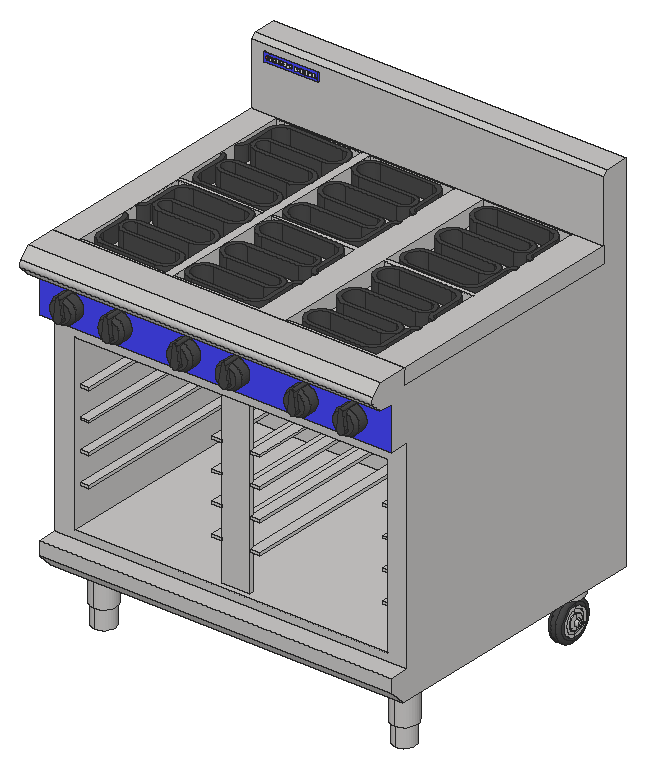
Revit family "QF_MOFFAT_BLUESEAL_CE_E516D-CB", category Specialty Equipment, Revit 2012
Parameters
  Width = 900 mm
  Weight in Pounds = 286  # constant formula
  Watts = 14400 W
  Volts = 400 V
  URL Cutsheet = "www.moffat.com"
  URL = "www.moffat.com"
  Type Mark [instance] = ""
  Status [instance] = ""
  Specification by User [instance] = ""
  Specification by Manufacturer = ""
  Show Logo [instance] = yes
  Show Casters [instance] = yes
  Serial Number = ""
  Seismic Rating = ""
  SMACNA No = ""
  Revision Code [instance] = ""
  Phase = 3
  Omniclass Number and Title = ""
  Number of Poles = 1
  NAFEM Spec ID Number = ""
  Model = "E516D-CB"
  Min Ckt Ampacity = 0 A
  Max Overcurrent Protection = 0 A
  Masterspec = ""
  Manufacturer = "MOFFAT BLUESEAL"
  Legs [instance] = not(Show Casters)  # no
  Item Number [instance] = ""
  Installed By [instance] = ""
  Identify Quantity as Lot [instance] = yes
  HP = ""
  Furnished By [instance] = ""
  Foodservice Equipment Identifier [instance] = yes
  FL Amps = 20 A
  Electrical Remarks = "20A PER PHASE"
  Elec Conn RI Height = 0 mm
  Elec Conn Connection Height = 0 mm
  Description = "900MM ELECTRIC COOK TOP ON CABINET BASE"
  Depth = 812 mm
  Cycle = 50 Hz
  Conn Plug = ""
  Conn Conduit = yes
  CSI MasterFormat = ""
  CSI Master Format = ""
  Base Height [instance] = 150 mm
  Apparent Power = if(Phase = 3, Volts * FL Amps * 1.73, Volts * FL Amps)  # 13840 VA
Reference planes
  plane 1 "BACK": y = 0
  plane 2: z = 0
  plane 3 "LEFT": x = 0
  plane 4 "RIGHT": x = 900
  plane 5 "FRONT": y = -812
  plane 6 "TOP": z = 970
  plane 7 "Center Y": x = 450
  plane 8 "Center X": y = -406
  plane 9 "Base Height": z = 150
  plane 10: z = 915
  plane 11: z = 1085
  plane 12: z = 740
  plane 13: x = 834
  plane 14: x = 65
  plane 15: y = -625
  plane 16: y = -100
Forms (mm)
  Extrusion 1, solid, material "QF_Finishes_Stainless Steel"
    sketch origin (0, 0, 0) x (0, 1, 0) y (0, 0, 1)
      loop
        line (0, 150) -> (0, 1085) -> (-57.5, 1085) -> (-70, 1072.5) -> (-70, 875) -> (-705.25, 875) -> (-705.25, 915) -> (-783.97, 915) -> (-808.485, 890.485)
        arc (-808.485, 890.485) -> (-811.999, 882) -> (-808.485, 873.515) r 12
        line (-808.485, 873.515) -> (-784.97, 850) -> (-749, 850) -> (-749, 740) -> (-130.5, 740) -> (-130.5, 222.5) -> (-749, 222.5) -> (-749, 186) -> (-713, 150) -> (0, 150)
    from 0 to 900
  Extrusion 2, void
    sketch origin (705, 3, 100) x (1, 0, 0) y (0, 1, 0)
      loop
        circle (65, -35) r 13.5
    from 640 to 570
  Revolve 3, solid, material "QF_Finishes_Black"
    sketch origin (87.5, 7, 757.8) x (0, 1, 0) y (0, 0, -1)
      loop
        line (-789, -69.5) -> (-766, -69.5) -> (-766, -42) -> (-756, -42) -> (-756, -37) -> (-800, -37) -> (-800, -63.651) -> (-789, -69.5)
      axis (-800, -37) -> (-756, -37)
    angle from 0 to 360
  Extrusion 4, solid, material "QF_Finishes_Black"
    sketch origin (225.77, 7, 757.958) x (-1, 0, 0) y (0, 0, -1)
      loop
        line (127.85, -26.037) -> (133.271, -68.955)
        arc (133.271, -68.955) -> (138.27, -73.842) -> (143.268, -68.955) r 5
        line (143.268, -68.955) -> (148.757, -24.87)
        arc (148.757, -24.87) -> (137.685, -14.371) -> (127.85, -26.037) r 10.487
    from 759 to 808
  Revolve 5, solid, material "QF_Finishes_Stainless Steel", visible <- "Legs"
    sketch origin (834, -165, 0) x (0, 1, 0) y (0, 0, -1)
      loop
        line (33.25, -150) -> (65, -150) -> (65, 0) -> (37.5, 0) -> (37.5, -50) -> (33.25, -50) -> (33.25, -150)
      axis (65, -150) -> (65, 0)
    angle from 0 to 360
  Revolve 6, solid, material "QF_Finishes_Stainless Steel"
    sketch origin (834, -728, 0) x (0, 1, 0) y (0, 0, -1)
      loop
        line (71.25, -150) -> (103, -150) -> (103, 0) -> (75.5, 0) -> (75.5, -50) -> (71.25, -50) -> (71.25, -150)
      axis (103, -150) -> (103, 0)
    angle from 0 to 360
  Extrusion 7, solid, material "QF_Finishes_Stainless Steel"
    sketch origin (0, -130.5, 735) x (0, 0, 1) y (-1, 0, 0)
      loop
        line (5, -900) -> (5, 0) -> (-512.5, 0) -> (-512.5, -900) -> (5, -900)
      loop
        line (-50, -850) -> (-50, -50) -> (-492.5, -50) -> (-492.5, -850) -> (-50, -850)
    from 0 to 568.5
  Extrusion 8, void
    sketch origin (0, 0, 150) x (-1, 0, 0) y (0, -1, 0)
      loop
        line (-824.497, 87.26) -> (-824.497, -30.24) -> (-694.997, -30.24) -> (-694.997, 38.76) -> (-743.497, 87.26) -> (-824.497, 87.26)
    from 72.5 to 590
  Extrusion 9, solid, material "QF_Finishes_Stainless Steel"
    sketch origin (0, -130.5, 735) x (0, 0, 1) y (-1, 0, 0)
      loop
        line (-50, -485.5) -> (-50, -414.5) -> (-492.5, -414.5) -> (-492.5, -485.5) -> (-50, -485.5)
    from 543.302 to 553.302
  Extrusion 10, solid, material "QF_Finishes_Stainless Steel"
    sketch origin (0, -130.5, 735) x (0, 0, 1) y (-1, 0, 0)
      loop
        line (-246.25, -414.5) -> (-239.9, -414.5) -> (-239.9, -389.5) -> (-246.25, -389.5) -> (-246.25, -414.5)
      loop
        line (-321.25, -414.5) -> (-314.9, -414.5) -> (-314.9, -389.5) -> (-321.25, -389.5) -> (-321.25, -414.5)
      loop
        line (-321.25, -50) -> (-321.25, -75) -> (-314.9, -75) -> (-314.9, -50) -> (-321.25, -50)
      loop
        line (-239.9, -75) -> (-239.9, -50) -> (-246.25, -50) -> (-246.25, -75) -> (-239.9, -75)
      loop
        line (-396.25, -414.5) -> (-389.9, -414.5) -> (-389.9, -389.5) -> (-396.25, -389.5) -> (-396.25, -414.5)
      loop
        line (-396.25, -50) -> (-396.25, -75) -> (-389.9, -75) -> (-389.9, -50) -> (-396.25, -50)
      loop
        line (-171.25, -414.5) -> (-164.9, -414.5) -> (-164.9, -389.5) -> (-171.25, -389.5) -> (-171.25, -414.5)
      loop
        line (-164.9, -75) -> (-164.9, -50) -> (-171.25, -50) -> (-171.25, -75) -> (-164.9, -75)
      loop
        line (-246.25, -485.5) -> (-246.25, -510.5) -> (-239.9, -510.5) -> (-239.9, -485.5) -> (-246.25, -485.5)
      loop
        line (-321.25, -485.5) -> (-321.25, -510.5) -> (-314.9, -510.5) -> (-314.9, -485.5) -> (-321.25, -485.5)
      loop
        line (-321.25, -850) -> (-314.9, -850) -> (-314.9, -825) -> (-321.25, -825) -> (-321.25, -850)
      loop
        line (-239.9, -825) -> (-246.25, -825) -> (-246.25, -850) -> (-239.9, -850) -> (-239.9, -825)
      loop
        line (-396.25, -485.5) -> (-396.25, -510.5) -> (-389.9, -510.5) -> (-389.9, -485.5) -> (-396.25, -485.5)
      loop
        line (-396.25, -850) -> (-389.9, -850) -> (-389.9, -825) -> (-396.25, -825) -> (-396.25, -850)
      loop
        line (-171.25, -485.5) -> (-171.25, -510.5) -> (-164.9, -510.5) -> (-164.9, -485.5) -> (-171.25, -485.5)
      loop
        line (-164.9, -825) -> (-171.25, -825) -> (-171.25, -850) -> (-164.9, -850) -> (-164.9, -825)
    from 0 to 553.302
  Extrusion 11, solid, material "QF_Finishes_Stainless Steel"
    sketch origin (705, -4.5, 740) x (0, 1, 0) y (1, 0, 0)
      loop
        circle (-34.187, 65) r 6.35
    from 0 to 1.6
  Revolve 12, solid, material "QF_Finishes_Black"
    sketch origin (211.766, 7, 757.8) x (0, 1, 0) y (0, 0, -1)
      loop
        line (-789, -69.5) -> (-766, -69.5) -> (-766, -42) -> (-756, -42) -> (-756, -37) -> (-800, -37) -> (-800, -63.651) -> (-789, -69.5)
      axis (-800, -37) -> (-756, -37)
    angle from 0 to 360
  Extrusion 13, solid, material "QF_Finishes_Black"
    sketch origin (350.035, 7, 757.958) x (-1, 0, 0) y (0, 0, -1)
      loop
        line (127.85, -26.037) -> (133.271, -68.955)
        arc (133.271, -68.955) -> (138.27, -73.842) -> (143.268, -68.955) r 5
        line (143.268, -68.955) -> (148.757, -24.87)
        arc (148.757, -24.87) -> (137.685, -14.371) -> (127.85, -26.037) r 10.487
    from 759 to 808
  Revolve 14, solid, material "QF_Finishes_Black"
    sketch origin (386.766, 7, 757.8) x (0, 1, 0) y (0, 0, -1)
      loop
        line (-789, -69.5) -> (-766, -69.5) -> (-766, -42) -> (-756, -42) -> (-756, -37) -> (-800, -37) -> (-800, -63.651) -> (-789, -69.5)
      axis (-800, -37) -> (-756, -37)
    angle from 0 to 360
  Extrusion 15, solid, material "QF_Finishes_Black"
    sketch origin (525.035, 7, 757.958) x (-1, 0, 0) y (0, 0, -1)
      loop
        line (127.85, -26.037) -> (133.271, -68.955)
        arc (133.271, -68.955) -> (138.27, -73.842) -> (143.268, -68.955) r 5
        line (143.268, -68.955) -> (148.757, -24.87)
        arc (148.757, -24.87) -> (137.685, -14.371) -> (127.85, -26.037) r 10.487
    from 759 to 808
  Revolve 16, solid, material "QF_Finishes_Black"
    sketch origin (511.766, 7, 757.8) x (0, 1, 0) y (0, 0, -1)
      loop
        line (-789, -69.5) -> (-766, -69.5) -> (-766, -42) -> (-756, -42) -> (-756, -37) -> (-800, -37) -> (-800, -63.651) -> (-789, -69.5)
      axis (-800, -37) -> (-756, -37)
    angle from 0 to 360
  Extrusion 17, solid, material "QF_Finishes_Black"
    sketch origin (650.035, 7, 757.958) x (-1, 0, 0) y (0, 0, -1)
      loop
        line (127.85, -26.037) -> (133.271, -68.955)
        arc (133.271, -68.955) -> (138.27, -73.842) -> (143.268, -68.955) r 5
        line (143.268, -68.955) -> (148.757, -24.87)
        arc (148.757, -24.87) -> (137.685, -14.371) -> (127.85, -26.037) r 10.487
    from 759 to 808
  Revolve 18, solid, material "QF_Finishes_Black"
    sketch origin (686.766, 7, 757.8) x (0, 1, 0) y (0, 0, -1)
      loop
        line (-789, -69.5) -> (-766, -69.5) -> (-766, -42) -> (-756, -42) -> (-756, -37) -> (-800, -37) -> (-800, -63.651) -> (-789, -69.5)
      axis (-800, -37) -> (-756, -37)
    angle from 0 to 360
  Extrusion 19, solid, material "QF_Finishes_Black"
    sketch origin (825.035, 7, 757.958) x (-1, 0, 0) y (0, 0, -1)
      loop
        line (127.85, -26.037) -> (133.271, -68.955)
        arc (133.271, -68.955) -> (138.27, -73.842) -> (143.268, -68.955) r 5
        line (143.268, -68.955) -> (148.757, -24.87)
        arc (148.757, -24.87) -> (137.685, -14.371) -> (127.85, -26.037) r 10.487
    from 759 to 808
  Revolve 20, solid, material "QF_Finishes_Black"
    sketch origin (811.766, 7, 757.8) x (0, 1, 0) y (0, 0, -1)
      loop
        line (-789, -69.5) -> (-766, -69.5) -> (-766, -42) -> (-756, -42) -> (-756, -37) -> (-800, -37) -> (-800, -63.651) -> (-789, -69.5)
      axis (-800, -37) -> (-756, -37)
    angle from 0 to 360
  Extrusion 21, solid, material "QF_Finishes_Black"
    sketch origin (950.035, 7, 757.958) x (-1, 0, 0) y (0, 0, -1)
      loop
        line (127.85, -26.037) -> (133.271, -68.955)
        arc (133.271, -68.955) -> (138.27, -73.842) -> (143.268, -68.955) r 5
        line (143.268, -68.955) -> (148.757, -24.87)
        arc (148.757, -24.87) -> (137.685, -14.371) -> (127.85, -26.037) r 10.487
    from 759 to 808
  Revolve 22, solid, material "QF_Finishes_Stainless Steel", visible <- "Show Casters"
    sketch origin (784.648, -99.755, -13.653) x (1, 0, 0) y (0, 0, 1)
      loop
        line (14.841, 63.604) -> (83.584, 63.604) -> (83.584, 67.109) -> (82.314, 68.379) -> (80.79, 68.379) -> (80.79, 71.826) -> (68.644, 71.826) -> (68.644, 81.79) -> (65.088, 83.843) -> (63.738, 92.179) -> (65.881, 92.179) -> (65.881, 98.529) -> (65.088, 98.529) -> (65.088, 104.879)
        arc (65.088, 104.879) -> (62.298, 111.614) -> (55.563, 114.404) r 9.525
        line (55.563, 114.404) -> (42.863, 114.404)
        arc (42.863, 114.404) -> (36.127, 111.614) -> (33.338, 104.879) r 9.525
        line (33.338, 104.879) -> (33.338, 98.529) -> (32.544, 98.529) -> (32.544, 92.179) -> (34.687, 92.179) -> (33.352, 83.932) -> (29.782, 81.871) -> (29.782, 71.826) -> (17.635, 71.826) -> (17.635, 68.379) -> (16.111, 68.379) -> (14.841, 67.109) -> (14.841, 63.604)
      axis (14.841, 63.604) -> (83.584, 63.604)
    angle from 0 to 360
  Revolve 23, solid, material "QF_Finishes_Stainless Steel", visible <- "Show Casters"
    sketch origin (833.871, -203, 0) x (0, 1, 0) y (0, 0, 1)
      loop
        line (68.25, 150) -> (68.25, 110) -> (104, 110) -> (104, 150) -> (68.25, 150)
      axis (104, 150) -> (104, 110)
    angle from 0 to 360
  Revolve 24, solid, material "QF_Finishes_Stainless Steel", visible <- "Legs"
    sketch origin (65, -165, 0) x (0, 1, 0) y (0, 0, -1)
      loop
        line (33.25, -150) -> (65, -150) -> (65, 0) -> (37.5, 0) -> (37.5, -50) -> (33.25, -50) -> (33.25, -150)
      axis (65, -150) -> (65, 0)
    angle from 0 to 360
  Revolve 25, solid, material "QF_Finishes_Stainless Steel"
    sketch origin (65, -728, 0) x (0, 1, 0) y (0, 0, -1)
      loop
        line (71.25, -150) -> (103, -150) -> (103, 0) -> (75.5, 0) -> (75.5, -50) -> (71.25, -50) -> (71.25, -150)
      axis (103, -150) -> (103, 0)
    angle from 0 to 360
  Revolve 26, solid, material "QF_Finishes_Stainless Steel", visible <- "Show Casters"
    sketch origin (15.648, -99.755, -13.653) x (1, 0, 0) y (0, 0, 1)
      loop
        line (14.841, 63.604) -> (83.584, 63.604) -> (83.584, 67.109) -> (82.314, 68.379) -> (80.79, 68.379) -> (80.79, 71.826) -> (68.644, 71.826) -> (68.644, 81.79) -> (65.088, 83.843) -> (63.738, 92.179) -> (65.881, 92.179) -> (65.881, 98.529) -> (65.088, 98.529) -> (65.088, 104.879)
        arc (65.088, 104.879) -> (62.298, 111.614) -> (55.563, 114.404) r 9.525
        line (55.563, 114.404) -> (42.863, 114.404)
        arc (42.863, 114.404) -> (36.127, 111.614) -> (33.338, 104.879) r 9.525
        line (33.338, 104.879) -> (33.338, 98.529) -> (32.544, 98.529) -> (32.544, 92.179) -> (34.687, 92.179) -> (33.352, 83.932) -> (29.782, 81.871) -> (29.782, 71.826) -> (17.635, 71.826) -> (17.635, 68.379) -> (16.111, 68.379) -> (14.841, 67.109) -> (14.841, 63.604)
      axis (14.841, 63.604) -> (83.584, 63.604)
    angle from 0 to 360
  Revolve 27, solid, material "QF_Finishes_Stainless Steel", visible <- "Show Casters"
    sketch origin (64.871, -203, 0) x (0, 1, 0) y (0, 0, 1)
      loop
        line (68.25, 150) -> (68.25, 110) -> (104, 110) -> (104, 150) -> (68.25, 150)
      axis (104, 150) -> (104, 110)
    angle from 0 to 360
Cuts and joins
  Extrusion 2, Extrusion 8 cuts Extrusion 1
  joined: Extrusion 1, Extrusion 7
Lines and regions (mm)
  Split face 1
    outline origin (900, 0, 1085) x (-1, 0, 0) y (0, -1, 0)
      loop
        arc (856, 18.385) -> (864.66, 23.385) -> (864.66, 33.385) r 10
        line (864.66, 33.385) -> (860.619, 40.385)
        arc (860.619, 40.385) -> (856.959, 44.045) -> (851.959, 45.385) r 10
        line (851.959, 45.385) -> (624, 45.385)
        arc (624, 45.385) -> (615.34, 40.385) -> (615.34, 30.385) r 10
        line (615.34, 30.385) -> (619.381, 23.385)
        arc (619.381, 23.385) -> (623.041, 19.725) -> (628.041, 18.385) r 10
        line (628.041, 18.385) -> (856, 18.385)
  Split face 2
    outline origin (900, 0, 1085) x (-1, 0, 0) y (0, -1, 0)
      loop
        arc (44, 45.385) -> (35.34, 40.385) -> (35.34, 30.385) r 10
        line (35.34, 30.385) -> (39.381, 23.385)
        arc (39.381, 23.385) -> (43.041, 19.725) -> (48.041, 18.385) r 10
        line (48.041, 18.385) -> (276, 18.385)
        arc (276, 18.385) -> (284.66, 23.385) -> (284.66, 33.385) r 10
        line (284.66, 33.385) -> (280.619, 40.385)
        arc (280.619, 40.385) -> (276.959, 44.045) -> (271.959, 45.385) r 10
        line (271.959, 45.385) -> (44, 45.385)
  Split face 3
    outline origin (900, 0, 1085) x (-1, 0, 0) y (0, -1, 0)
      loop
        arc (566, 18.385) -> (574.66, 23.385) -> (574.66, 33.385) r 10
        line (574.66, 33.385) -> (570.619, 40.385)
        arc (570.619, 40.385) -> (566.959, 44.045) -> (561.959, 45.385) r 10
        line (561.959, 45.385) -> (334, 45.385)
        arc (334, 45.385) -> (325.34, 40.385) -> (325.34, 30.385) r 10
        line (325.34, 30.385) -> (329.381, 23.385)
        arc (329.381, 23.385) -> (333.041, 19.725) -> (338.041, 18.385) r 10
        line (338.041, 18.385) -> (566, 18.385)
  symbolic lines, style "SpecialityEquipmentHiddenLines", visible <- "Show Casters"
    curve 1: line (78.456, -46.735, 0) -> (105.952, -62.61, 0)
    curve 2: line (27.656, -134.723, 0) -> (78.456, -46.735, 0)
    curve 3: line (55.152, -150.598, 0) -> (27.656, -134.723, 0)
    curve 4: line (105.952, -62.61, 0) -> (55.152, -150.598, 0)
    curve 5: line (847.456, -46.735, 0) -> (874.952, -62.61, 0)
    curve 6: line (796.656, -134.723, 0) -> (847.456, -46.735, 0)
    curve 7: line (824.152, -150.598, 0) -> (796.656, -134.723, 0)
    curve 8: line (874.952, -62.61, 0) -> (824.152, -150.598, 0)
  symbolic lines
    curve 9: line (0, -783.97, 0) -> (900, -783.97, 0)
    curve 10: line (0, -811.999, 0) -> (900, -811.999, 0)
    curve 11: line (0, 0, 0) -> (0, -811.999, 0)
    curve 12: line (900, 0, 0) -> (0, 0, 0)
    curve 13: line (900, -811.999, 0) -> (900, 0, 0)
    curve 14: line (624, -18.385, 0) -> (851.959, -18.385, 0)
    curve 15: arc (851.959, -18.385, 0) -> (856.959, -19.725, 0) -> (860.619, -23.385, 0) r 10
    curve 16: line (860.619, -23.385, 0) -> (864.66, -30.385, 0)
    curve 17: arc (864.66, -30.385, 0) -> (864.66, -40.385, 0) -> (856, -45.385, 0) r 10
    curve 18: line (856, -45.385, 0) -> (628.041, -45.385, 0)
    curve 19: arc (628.041, -45.385, 0) -> (623.041, -44.045, 0) -> (619.381, -40.385, 0) r 10
    curve 20: line (619.381, -40.385, 0) -> (615.34, -33.385, 0)
    curve 21: arc (615.34, -33.385, 0) -> (615.34, -23.385, 0) -> (624, -18.385, 0) r 10
    curve 22: line (561.959, -18.385, 0) -> (334, -18.385, 0)
    curve 23: arc (334, -18.385, 0) -> (325.34, -23.385, 0) -> (325.34, -33.385, 0) r 10
    curve 24: line (325.34, -33.385, 0) -> (329.381, -40.385, 0)
    curve 25: arc (329.381, -40.385, 0) -> (333.041, -44.045, 0) -> (338.041, -45.385, 0) r 10
    curve 26: line (338.041, -45.385, 0) -> (566, -45.385, 0)
    curve 27: arc (566, -45.385, 0) -> (574.66, -40.385, 0) -> (574.66, -30.385, 0) r 10
    curve 28: line (574.66, -30.385, 0) -> (570.619, -23.385, 0)
    curve 29: arc (570.619, -23.385, 0) -> (566.959, -19.725, 0) -> (561.959, -18.385, 0) r 10
    curve 30: line (44, -18.385, 0) -> (271.959, -18.385, 0)
    curve 31: arc (271.959, -18.385, 0) -> (276.959, -19.725, 0) -> (280.619, -23.385, 0) r 10
    curve 32: line (280.619, -23.385, 0) -> (284.66, -30.385, 0)
    curve 33: arc (284.66, -30.385, 0) -> (284.66, -40.385, 0) -> (276, -45.385, 0) r 10
    curve 34: line (276, -45.385, 0) -> (48.041, -45.385, 0)
    curve 35: arc (48.041, -45.385, 0) -> (43.041, -44.045, 0) -> (39.381, -40.385, 0) r 10
    curve 36: line (39.381, -40.385, 0) -> (35.34, -33.385, 0)
    curve 37: arc (35.34, -33.385, 0) -> (35.34, -23.385, 0) -> (44, -18.385, 0) r 10
    curve 38: line (0, -705.25, 0) -> (900, -705.25, 0)
    curve 39: line (0, -57.5, 0) -> (900, -57.5, 0)
    curve 40: line (0, -70, 0) -> (900, -70, 0)
Dimensions and locks
  equal spacing: plane 3 "LEFT", plane 7 "Center Y", plane 4 "RIGHT"
  "Width": plane 3 "LEFT" to plane 4 "RIGHT"
  equal spacing: plane 5 "FRONT", plane 8 "Center X", plane 1 "BACK"
  "Depth": plane 5 "FRONT" to plane 1 "BACK"
  "Base Height": plane 9 "Base Height" to level
  plane 10 to level = 915 mm
  cut or joined group of Extrusion 1, Extrusion 2, Extrusion 7, Extrusion 8 to level = 740 mm
  plane 11 to plane 2 = 1085 mm
  plane 2 to plane 12 = 740 mm
  plane 13 to plane 14 = 769 mm
  plane 16 to plane 15 = 525 mm
  plane 1 "BACK" to plane 16 = 100 mm
  Revolve 22 sketch curve to Revolve 22 sketch curve = 50.8 mm
  Extrusion 11 sketch curve to plane 4 "RIGHT" = 130 mm
  Revolve 26 sketch curve to Revolve 26 sketch curve = 50.8 mm
  aligned and locked: level to plane 2
Automatic sketch dimensions
  plane 1 "BACK" to curve 12 = 0 mm
  curve 12 to plane 3 "LEFT" = 0 mm
  curve 10 to plane 4 "RIGHT" = 0 mm
  plane 3 "LEFT" to curve 2 = 27.656 mm
  curve 36 to plane 14 = 29.66 mm
  curve 37 to curve 35 = 4.041 mm  (x2)
  curve 37 to curve 37 = 8.66 mm
  curve 4 to plane 14 = 9.848 mm
  plane 14 to curve 1 = 13.456 mm
  plane 1 "BACK" to curve 30 = 18.385 mm
  curve 1 to curve 30 = 166.007 mm
  curve 31 to curve 34 = 4.041 mm
  curve 30 to curve 31 = 8.66 mm
  plane 1 "BACK" to curve 32 = 30.385 mm
  curve 31 to curve 32 = 4.041 mm
  plane 1 "BACK" to curve 24 = 33.385 mm
  curve 32 to curve 24 = 40.679 mm
  curve 24 to curve 25 = 4.041 mm
  curve 23 to curve 22 = 8.66 mm
  curve 25 to curve 25 = 8.66 mm
  plane 1 "BACK" to curve 29 = 28.385 mm
  plane 7 "Center Y" to curve 29 = 111.959 mm
  curve 29 to curve 27 = 4.041 mm
  curve 22 to curve 29 = 8.66 mm
  plane 1 "BACK" to curve 28 = 30.385 mm
  curve 29 to curve 28 = 4.041 mm
  plane 1 "BACK" to curve 20 = 33.385 mm
  curve 28 to curve 20 = 40.679 mm
  plane 1 "BACK" to curve 20 = 40.385 mm
  curve 20 to curve 20 = 4.041 mm
  curve 20 to curve 21 = 8.66 mm
  curve 21 to curve 19 = 4.041 mm
  curve 6 to plane 13 = 37.344 mm
  curve 8 to plane 13 = 9.848 mm
  plane 13 to curve 6 = 13.456 mm
  plane 13 to curve 15 = 17.959 mm
  curve 15 to curve 17 = 4.041 mm
  curve 14 to curve 16 = 8.66 mm
  curve 15 to curve 16 = 4.041 mm
  curve 35 to curve 30 = 27 mm
  curve 19 to curve 19 = 5 mm
  curve 25 to curve 23 = 12 mm
  curve 1 to curve 35 = 1.35 mm
  curve 5 to curve 17 = 1.35 mm
  curve 39 to plane 16 = 42.5 mm
  curve 8 to curve 39 = 5.11 mm
  curve 1 to curve 1 = 15.875 mm
  curve 40 to curve 39 = 12.5 mm
  plane 15 to curve 38 = 80.25 mm
  curve 9 to plane 5 "FRONT" = 28.03 mm
  curve 10 to plane 5 "FRONT" = 0.001 mm
  curve 25 to curve 24 = 7 mm
  curve 34 to curve 35 = 5 mm
  curve 18 to curve 17 = 10 mm
  curve 35 to curve 37 = 7 mm
  curve 25 to curve 23 = 7 mm
  curve 19 to curve 21 = 7 mm
  curve 33 to curve 31 = 7 mm
  curve 17 to curve 15 = 7 mm
  Extrusion 1 sketch curve to plane 10 = 0 mm
  plane 12 to Extrusion 1 sketch curve = 0 mm
  Extrusion 1 sketch curve to plane 9 "Base Height" = 0 mm
  Extrusion 1 sketch curve to plane 11 = 0 mm
  Extrusion 1 sketch curve to plane 1 "BACK" = 0 mm
  Extrusion 1 sketch curve to plane 16 = 42.5 mm
  Extrusion 1 sketch curve to plane 16 = 30 mm
  plane 16 to Extrusion 1 sketch curve = 30.5 mm
  plane 15 to Extrusion 1 sketch curve = 80.25 mm
  plane 15 to Extrusion 1 sketch curve = 88 mm
  Extrusion 1 sketch curve to plane 5 "FRONT" = 63 mm  (x2)
  Extrusion 1 sketch curve to plane 5 "FRONT" = 28.03 mm
  Extrusion 1 sketch curve to plane 5 "FRONT" = 27.03 mm
  Extrusion 1 sketch curve to plane 5 "FRONT" = 12.001 mm
  Extrusion 1 sketch curve to plane 5 "FRONT" = 3.515 mm  (x2)
  plane 9 "Base Height" to Extrusion 1 sketch curve = 36 mm
  Extrusion 1 sketch curve to Extrusion 1 sketch curve = 36.5 mm
  Extrusion 1 sketch curve to plane 10 = 65 mm
  Extrusion 1 sketch curve to Extrusion 1 sketch curve = 23.515 mm
  Extrusion 1 sketch curve to plane 10 = 40 mm
  Extrusion 1 sketch curve to Extrusion 1 sketch curve = 8.485 mm
  Extrusion 1 sketch curve to plane 11 = 12.5 mm
  plane 1 "BACK" to Extrusion 2 sketch curve = 32 mm
  Extrusion 2 sketch curve to plane 13 = 64 mm
  Revolve 3 sketch curve to plane 5 "FRONT" = 19 mm
  Revolve 3 sketch curve to Revolve 3 sketch curve = 0 mm  (x2)
  Revolve 3 sketch curve to Revolve 3 sketch curve = 11 mm
  Revolve 3 sketch curve to Revolve 3 sketch curve = 12.7 mm
  Revolve 3 sketch curve to Revolve 3 sketch curve = 23 mm
  Revolve 3 sketch curve to Revolve 3 sketch curve = 10 mm
  Revolve 3 sketch curve to plane 12 = 87.3 mm
  Revolve 3 sketch curve to Revolve 3 sketch curve = 5.849 mm
  Revolve 3 sketch curve to Revolve 3 sketch curve = 27.5 mm
  Revolve 3 sketch curve to Revolve 3 sketch curve = 5 mm
  plane 14 to Extrusion 4 sketch curve = 32.919 mm
  plane 14 to Extrusion 4 sketch curve = 27.499 mm
  Extrusion 4 sketch curve to Extrusion 4 sketch curve = 10.419 mm
  Extrusion 4 sketch curve to Extrusion 4 sketch curve = 4.999 mm  (x2)
  Extrusion 4 sketch curve to Extrusion 4 sketch curve = 10.487 mm
  Extrusion 4 sketch curve to plane 12 = 86.913 mm
  Extrusion 4 sketch curve to Extrusion 4 sketch curve = 0.113 mm
  Extrusion 4 sketch curve to Extrusion 4 sketch curve = 42.919 mm
  Extrusion 4 sketch curve to Extrusion 4 sketch curve = 1.167 mm
  Revolve 5 sketch curve to plane 9 "Base Height" = 0 mm
  Revolve 5 sketch curve to level = 0 mm
  Revolve 5 sketch curve to plane 16 = 0 mm  (x2)
  plane 16 to Revolve 5 sketch curve = 27.5 mm
  plane 16 to Revolve 5 sketch curve = 31.75 mm
  level to Revolve 5 sketch curve = 50 mm
  Revolve 5 sketch curve to Revolve 5 sketch curve = 0 mm
  Revolve 5 sketch curve to Revolve 5 sketch curve = 55 mm
  Revolve 6 sketch curve to plane 9 "Base Height" = 0 mm
  Revolve 6 sketch curve to level = 0 mm
  Revolve 6 sketch curve to plane 15 = 0 mm  (x2)
  plane 15 to Revolve 6 sketch curve = 27.5 mm
  plane 15 to Revolve 6 sketch curve = 31.75 mm
  level to Revolve 6 sketch curve = 50 mm
  Revolve 6 sketch curve to Revolve 6 sketch curve = 0 mm
  Revolve 6 sketch curve to Revolve 6 sketch curve = 55 mm
  Extrusion 1 to Extrusion 7 sketch curve = 0 mm
  Extrusion 7 sketch curve to Extrusion 1 = 0 mm  (x3)
  Extrusion 1 to Extrusion 7 sketch curve = 20 mm
  Extrusion 7 sketch curve to Extrusion 1 = 55 mm
  Extrusion 1 to Extrusion 7 sketch curve = 50 mm  (x2)
  Extrusion 8 sketch curve to plane 13 = 9.503 mm
  Extrusion 8 sketch curve to plane 16 = 12.74 mm
  Extrusion 8 sketch curve to Extrusion 8 sketch curve = 81 mm
  Extrusion 8 sketch curve to Extrusion 8 sketch curve = 48.5 mm
  plane 1 "BACK" to Extrusion 8 sketch curve = 38.76 mm
  Extrusion 8 sketch curve to plane 1 "BACK" = 30.24 mm
  Extrusion 1 to Extrusion 9 sketch curve = 20 mm
  Extrusion 9 sketch curve to Extrusion 1 = 55 mm
  Extrusion 1 to Extrusion 9 sketch curve = 414.5 mm
  Extrusion 9 sketch curve to Extrusion 9 sketch curve = 71 mm
  Extrusion 1 to Extrusion 10 sketch curve = 116.25 mm  (x3)
  Extrusion 10 sketch curve to Extrusion 10 sketch curve = 0 mm  (x6)
  Extrusion 1 to Extrusion 10 sketch curve = 50 mm  (x4)
  Extrusion 10 sketch curve to Extrusion 10 sketch curve = 6.35 mm  (x16)
  Extrusion 10 sketch curve to Extrusion 10 sketch curve = 68.65 mm  (x12)
  Extrusion 10 sketch curve to Extrusion 10 sketch curve = 25 mm  (x16)
  Extrusion 10 sketch curve to Extrusion 10 sketch curve = 314.5 mm
  Extrusion 10 sketch curve to Extrusion 10 sketch curve = 71 mm  (x4)
  Extrusion 1 to Extrusion 10 sketch curve = 75 mm  (x2)
  Revolve 12 sketch curve to plane 5 "FRONT" = 19 mm
  Revolve 12 sketch curve to Revolve 12 sketch curve = 0 mm  (x2)
  Revolve 12 sketch curve to Revolve 12 sketch curve = 11 mm
  Revolve 12 sketch curve to Revolve 12 sketch curve = 12.7 mm
  Revolve 12 sketch curve to Revolve 12 sketch curve = 23 mm
  Revolve 12 sketch curve to Revolve 12 sketch curve = 10 mm
  Revolve 12 sketch curve to plane 12 = 87.3 mm
  Revolve 12 sketch curve to Revolve 12 sketch curve = 5.849 mm
  Revolve 12 sketch curve to Revolve 12 sketch curve = 27.5 mm
  Revolve 12 sketch curve to Revolve 12 sketch curve = 5 mm
  Extrusion 13 sketch curve to plane 12 = 43.995 mm
  plane 14 to Extrusion 13 sketch curve = 157.185 mm
  Extrusion 13 sketch curve to Extrusion 13 sketch curve = 5.421 mm
  Extrusion 13 sketch curve to Extrusion 13 sketch curve = 10.419 mm
  Extrusion 13 sketch curve to Extrusion 13 sketch curve = 4.999 mm  (x2)
  Extrusion 13 sketch curve to plane 12 = 86.913 mm
  Extrusion 13 sketch curve to Extrusion 13 sketch curve = 10.487 mm
  Extrusion 13 sketch curve to Extrusion 13 sketch curve = 0.113 mm
  Extrusion 13 sketch curve to Extrusion 13 sketch curve = 1.167 mm
  Revolve 14 sketch curve to plane 5 "FRONT" = 19 mm
  Revolve 14 sketch curve to Revolve 14 sketch curve = 0 mm  (x2)
  Revolve 14 sketch curve to Revolve 14 sketch curve = 11 mm
  Revolve 14 sketch curve to Revolve 14 sketch curve = 12.7 mm
  Revolve 14 sketch curve to Revolve 14 sketch curve = 23 mm
  Revolve 14 sketch curve to Revolve 14 sketch curve = 10 mm
  Revolve 14 sketch curve to plane 12 = 87.3 mm
  Revolve 14 sketch curve to Revolve 14 sketch curve = 5.849 mm
  Revolve 14 sketch curve to Revolve 14 sketch curve = 27.5 mm
  Revolve 14 sketch curve to Revolve 14 sketch curve = 5 mm
  Extrusion 15 sketch curve to plane 7 "Center Y" = 52.815 mm
  Extrusion 15 sketch curve to Extrusion 15 sketch curve = 5.421 mm
  Extrusion 15 sketch curve to Extrusion 15 sketch curve = 10.419 mm
  Extrusion 15 sketch curve to Extrusion 15 sketch curve = 4.999 mm  (x2)
  Extrusion 15 sketch curve to Extrusion 15 sketch curve = 10.487 mm
  Extrusion 15 sketch curve to plane 12 = 86.913 mm
  Extrusion 15 sketch curve to Extrusion 15 sketch curve = 0.113 mm
  Extrusion 15 sketch curve to Extrusion 15 sketch curve = 42.919 mm
  Extrusion 15 sketch curve to Extrusion 15 sketch curve = 1.167 mm
  Revolve 16 sketch curve to plane 5 "FRONT" = 19 mm
  Revolve 16 sketch curve to Revolve 16 sketch curve = 0 mm  (x2)
  Revolve 16 sketch curve to Revolve 16 sketch curve = 11 mm
  Revolve 16 sketch curve to Revolve 16 sketch curve = 12.7 mm
  Revolve 16 sketch curve to Revolve 16 sketch curve = 23 mm
  Revolve 16 sketch curve to Revolve 16 sketch curve = 10 mm
  Revolve 16 sketch curve to plane 12 = 87.3 mm
  Revolve 16 sketch curve to Revolve 16 sketch curve = 5.849 mm
  Revolve 16 sketch curve to Revolve 16 sketch curve = 27.5 mm
  Revolve 16 sketch curve to Revolve 16 sketch curve = 5 mm
  plane 7 "Center Y" to Extrusion 17 sketch curve = 72.185 mm
  Extrusion 17 sketch curve to Extrusion 17 sketch curve = 5.421 mm
  Extrusion 17 sketch curve to Extrusion 17 sketch curve = 10.419 mm
  Extrusion 17 sketch curve to Extrusion 17 sketch curve = 4.999 mm  (x2)
  Extrusion 17 sketch curve to Extrusion 17 sketch curve = 10.487 mm
  Extrusion 17 sketch curve to plane 12 = 86.913 mm
  Extrusion 17 sketch curve to Extrusion 17 sketch curve = 0.113 mm
  Extrusion 17 sketch curve to Extrusion 17 sketch curve = 42.919 mm
  Extrusion 17 sketch curve to Extrusion 17 sketch curve = 1.167 mm
  Revolve 18 sketch curve to plane 5 "FRONT" = 19 mm
  Revolve 18 sketch curve to Revolve 18 sketch curve = 0 mm  (x2)
  Revolve 18 sketch curve to Revolve 18 sketch curve = 11 mm
  Revolve 18 sketch curve to Revolve 18 sketch curve = 12.7 mm
  Revolve 18 sketch curve to Revolve 18 sketch curve = 23 mm
  Revolve 18 sketch curve to Revolve 18 sketch curve = 10 mm
  Revolve 18 sketch curve to plane 12 = 87.3 mm
  Revolve 18 sketch curve to Revolve 18 sketch curve = 5.849 mm
  Revolve 18 sketch curve to Revolve 18 sketch curve = 27.5 mm
  Revolve 18 sketch curve to Revolve 18 sketch curve = 5 mm
  Extrusion 19 sketch curve to plane 12 = 43.995 mm
  Extrusion 19 sketch curve to plane 13 = 136.815 mm
  Extrusion 19 sketch curve to Extrusion 19 sketch curve = 5.421 mm
  Extrusion 19 sketch curve to Extrusion 19 sketch curve = 10.419 mm
  Extrusion 19 sketch curve to Extrusion 19 sketch curve = 4.999 mm  (x2)
  Extrusion 19 sketch curve to plane 12 = 86.913 mm
  Extrusion 19 sketch curve to Extrusion 19 sketch curve = 10.487 mm
  Extrusion 19 sketch curve to Extrusion 19 sketch curve = 0.113 mm
  Extrusion 19 sketch curve to Extrusion 19 sketch curve = 1.167 mm
  Revolve 20 sketch curve to plane 5 "FRONT" = 19 mm
  Revolve 20 sketch curve to Revolve 20 sketch curve = 0 mm  (x2)
  Revolve 20 sketch curve to Revolve 20 sketch curve = 11 mm
  Revolve 20 sketch curve to Revolve 20 sketch curve = 12.7 mm
  Revolve 20 sketch curve to Revolve 20 sketch curve = 23 mm
  Revolve 20 sketch curve to Revolve 20 sketch curve = 10 mm
  Revolve 20 sketch curve to plane 12 = 87.3 mm
  Revolve 20 sketch curve to Revolve 20 sketch curve = 5.849 mm
  Revolve 20 sketch curve to Revolve 20 sketch curve = 27.5 mm
  Revolve 20 sketch curve to Revolve 20 sketch curve = 5 mm
  Extrusion 21 sketch curve to plane 13 = 11.815 mm
  Extrusion 21 sketch curve to plane 13 = 17.236 mm
  Extrusion 21 sketch curve to Extrusion 21 sketch curve = 10.419 mm
  Extrusion 21 sketch curve to Extrusion 21 sketch curve = 4.999 mm  (x2)
  Extrusion 21 sketch curve to Extrusion 21 sketch curve = 10.487 mm
  Extrusion 21 sketch curve to plane 12 = 86.913 mm
  Extrusion 21 sketch curve to Extrusion 21 sketch curve = 0.113 mm
  Extrusion 21 sketch curve to Extrusion 21 sketch curve = 42.919 mm
  Extrusion 21 sketch curve to Extrusion 21 sketch curve = 1.167 mm
  Split face 1 sketch curve to cut or joined group of Extrusion 1, Extrusion 2, Extrusion 7, Extrusion 8 = 27.115 mm
  Split face 1 sketch curve to cut or joined group of Extrusion 1, Extrusion 2, Extrusion 7, Extrusion 8 = 284.66 mm
  Split face 1 sketch curve to Split face 1 sketch curve = 4.041 mm  (x4)
  Split face 1 sketch curve to Split face 1 sketch curve = 8.66 mm  (x2)
  Split face 1 sketch curve to cut or joined group of Extrusion 1, Extrusion 2, Extrusion 7, Extrusion 8 = 12.115 mm
  Split face 1 sketch curve to cut or joined group of Extrusion 1, Extrusion 2, Extrusion 7, Extrusion 8 = 48.041 mm
  Split face 1 sketch curve to Split face 1 sketch curve = 7 mm  (x3)
  Split face 1 sketch curve to Split face 1 sketch curve = 17 mm
  Split face 2 sketch curve to cut or joined group of Extrusion 1, Extrusion 2, Extrusion 7, Extrusion 8 = 35.34 mm
  Split face 2 sketch curve to Split face 2 sketch curve = 4.041 mm  (x4)
  Split face 2 sketch curve to Split face 2 sketch curve = 8.66 mm  (x2)
  Split face 2 sketch curve to cut or joined group of Extrusion 1, Extrusion 2, Extrusion 7, Extrusion 8 = 22.115 mm
  Split face 2 sketch curve to Split face 2 sketch curve = 223.917 mm
  Split face 2 sketch curve to cut or joined group of Extrusion 1, Extrusion 2, Extrusion 7, Extrusion 8 = 17.115 mm
  Split face 2 sketch curve to Split face 2 sketch curve = 10 mm
  Split face 2 sketch curve to Split face 2 sketch curve = 7 mm  (x3)
  Split face 3 sketch curve to cut or joined group of Extrusion 1, Extrusion 2, Extrusion 7, Extrusion 8 = 27.115 mm
  Split face 3 sketch curve to cut or joined group of Extrusion 1, Extrusion 2, Extrusion 7, Extrusion 8 = 325.34 mm
  Split face 3 sketch curve to Split face 3 sketch curve = 4.041 mm  (x4)
  Split face 3 sketch curve to Split face 3 sketch curve = 8.66 mm  (x2)
  Split face 3 sketch curve to cut or joined group of Extrusion 1, Extrusion 2, Extrusion 7, Extrusion 8 = 12.115 mm
  Split face 3 sketch curve to Split face 3 sketch curve = 223.917 mm
  Split face 3 sketch curve to Split face 3 sketch curve = 7 mm  (x3)
  Split face 3 sketch curve to Split face 3 sketch curve = 17 mm
  Revolve 22 sketch curve to plane 13 = 34.511 mm
  Revolve 22 sketch curve to Revolve 22 sketch curve = 1.27 mm  (x4)
  Revolve 22 sketch curve to Revolve 22 sketch curve = 1.524 mm  (x2)
  Revolve 22 sketch curve to Revolve 22 sketch curve = 12.146 mm  (x2)
  Revolve 22 sketch curve to plane 13 = 16.809 mm
  Revolve 22 sketch curve to Revolve 22 sketch curve = 0.794 mm  (x2)
  Revolve 22 sketch curve to Revolve 22 sketch curve = 3.57 mm
  Revolve 22 sketch curve to Revolve 22 sketch curve = 2.143 mm
  Revolve 22 sketch curve to plane 13 = 6.49 mm
  plane 13 to Revolve 22 sketch curve = 5.001 mm
  plane 13 to Revolve 22 sketch curve = 6.21 mm
  plane 13 to Revolve 22 sketch curve = 14.386 mm
  Revolve 22 sketch curve to Revolve 22 sketch curve = 1.349 mm  (x2)
  Revolve 22 sketch curve to Revolve 22 sketch curve = 3.556 mm
  Revolve 22 sketch curve to plane 4 "RIGHT" = 1.551 mm
  level to Revolve 22 sketch curve = 49.952 mm
  Revolve 22 sketch curve to Revolve 22 sketch curve = 0 mm
  Revolve 22 sketch curve to Revolve 22 sketch curve = 3.505 mm  (x2)
  Revolve 22 sketch curve to Revolve 22 sketch curve = 3.447 mm  (x2)
  Revolve 22 sketch curve to Revolve 22 sketch curve = 9.964 mm
  Revolve 22 sketch curve to Revolve 22 sketch curve = 10.045 mm
  Revolve 22 sketch curve to Revolve 22 sketch curve = 2.053 mm
  Revolve 22 sketch curve to Revolve 22 sketch curve = 2.061 mm
  Revolve 22 sketch curve to Revolve 22 sketch curve = 8.247 mm
  Revolve 22 sketch curve to Revolve 22 sketch curve = 8.336 mm
  Revolve 22 sketch curve to Revolve 22 sketch curve = 6.35 mm  (x2)
  Revolve 23 sketch curve to plane 9 "Base Height" = 0 mm
  plane 16 to Revolve 23 sketch curve = 34.75 mm
  Revolve 23 sketch curve to plane 16 = 1 mm  (x2)
  Revolve 23 sketch curve to plane 9 "Base Height" = 40 mm
  level to Revolve 23 sketch curve = 50 mm
  Revolve 23 sketch curve to level = 55 mm
  Revolve 24 sketch curve to plane 9 "Base Height" = 0 mm
  Revolve 24 sketch curve to level = 0 mm
  Revolve 24 sketch curve to plane 16 = 0 mm  (x2)
  plane 16 to Revolve 24 sketch curve = 27.5 mm
  plane 16 to Revolve 24 sketch curve = 31.75 mm
  level to Revolve 24 sketch curve = 50 mm
  Revolve 24 sketch curve to Revolve 24 sketch curve = 0 mm
  Revolve 24 sketch curve to Revolve 24 sketch curve = 55 mm
  Revolve 25 sketch curve to plane 9 "Base Height" = 0 mm
  Revolve 25 sketch curve to level = 0 mm
  Revolve 25 sketch curve to plane 15 = 0 mm  (x2)
  plane 15 to Revolve 25 sketch curve = 27.5 mm
  plane 15 to Revolve 25 sketch curve = 31.75 mm
  level to Revolve 25 sketch curve = 50 mm
  Revolve 25 sketch curve to Revolve 25 sketch curve = 0 mm
  Revolve 25 sketch curve to Revolve 25 sketch curve = 55 mm
  plane 3 "LEFT" to Revolve 26 sketch curve = 30.489 mm
  Revolve 26 sketch curve to Revolve 26 sketch curve = 1.27 mm  (x4)
  Revolve 26 sketch curve to Revolve 26 sketch curve = 1.524 mm  (x2)
  Revolve 26 sketch curve to Revolve 26 sketch curve = 12.146 mm  (x2)
  Revolve 26 sketch curve to plane 14 = 16.809 mm
  Revolve 26 sketch curve to Revolve 26 sketch curve = 0.794 mm  (x2)
  Revolve 26 sketch curve to Revolve 26 sketch curve = 3.57 mm
  Revolve 26 sketch curve to Revolve 26 sketch curve = 2.143 mm
  Revolve 26 sketch curve to plane 14 = 6.49 mm
  plane 14 to Revolve 26 sketch curve = 5.001 mm
  plane 14 to Revolve 26 sketch curve = 6.21 mm
  plane 14 to Revolve 26 sketch curve = 14.386 mm
  Revolve 26 sketch curve to Revolve 26 sketch curve = 1.349 mm  (x2)
  Revolve 26 sketch curve to Revolve 26 sketch curve = 3.556 mm
  Revolve 26 sketch curve to Revolve 26 sketch curve = 33.32 mm
  level to Revolve 26 sketch curve = 49.952 mm
  Revolve 26 sketch curve to Revolve 26 sketch curve = 0 mm
  Revolve 26 sketch curve to Revolve 26 sketch curve = 3.505 mm  (x2)
  Revolve 26 sketch curve to Revolve 26 sketch curve = 3.447 mm  (x2)
  Revolve 26 sketch curve to Revolve 26 sketch curve = 9.964 mm
  Revolve 26 sketch curve to Revolve 26 sketch curve = 10.045 mm
  Revolve 26 sketch curve to Revolve 26 sketch curve = 2.053 mm
  Revolve 26 sketch curve to Revolve 26 sketch curve = 2.061 mm
  Revolve 26 sketch curve to Revolve 26 sketch curve = 8.247 mm
  Revolve 26 sketch curve to Revolve 26 sketch curve = 8.336 mm
  Revolve 26 sketch curve to Revolve 26 sketch curve = 6.35 mm  (x2)
  Revolve 27 sketch curve to plane 9 "Base Height" = 0 mm
  plane 16 to Revolve 27 sketch curve = 34.75 mm
  Revolve 27 sketch curve to plane 16 = 1 mm  (x2)
  Revolve 27 sketch curve to plane 9 "Base Height" = 40 mm
  level to Revolve 27 sketch curve = 50 mm
  Revolve 27 sketch curve to level = 55 mm
  radius of Extrusion 2 sketch curve = 13.5 mm
  radius of Extrusion 11 sketch curve = 6.35 mm
Nested families
  nested 1: "ELECTRIC BURNER 900" at (0, -70.25, 875), type "ELECTRIC BURNER 900"
    with Width 900 mm, Type Mark "", Status "", Specification by User "", Revision Code "", Item Number "", Installed By "", Identify Quantity as Lot yes, Furnished By "", Foodservice Equipment Identifier yes, Depth 635 mm
  nested 2: "WALDORF LOGO_FACE BASE" at (32, -70, 1056.885) x (1, 0, 0) z (0, -1, 0), visible <- "Show Logo", type "WALDORF LOGO_FACE BASE", detail levels medium+fine
    with Show Logo yes
Connectors
  electrical at (770, -38.687, 738.4), driven by "Volts", driven by "Watts"
    settings: on Extrusion 11, index 1, voltage 400 V, apparent load 14400 VA, apparent load phase1 0 VA, apparent load phase2 0 VA, apparent load phase3 0 VA, power factor 1, load classification "Other", number of poles 1, system type 30, power factor state 1, is connector primary yes, connector utility no, sub classification motor no, connector description "ELECTRICAL CONNECTION"
Definition of nested family "ELECTRIC BURNER 900"
  Parameters (values of type "ELECTRIC BURNER 900")
    Width [instance] = 900 mm
    Weight in Pounds = 0
    URL Cutsheet = ""
    Type Mark [instance] = ""
    Status [instance] = ""
    Specification by User [instance] = ""
    Specification by Manufacturer = ""
    Serial Number = ""
    Seismic Rating = ""
    SMACNA No = ""
    Revision Code [instance] = ""
    Omniclass Number and Title = ""
    NAFEM Spec ID Number = ""
    Masterspec = ""
    Item Number [instance] = ""
    Installed By [instance] = ""
    Identify Quantity as Lot [instance] = yes
    Furnished By [instance] = ""
    Foodservice Equipment Identifier [instance] = yes
    Depth [instance] = 635 mm
    CSI MasterFormat = ""
    CSI Master Format = ""
  Reference planes
    plane 1 "BACK": y = 0
    plane 2: z = 0
    plane 3 "LEFT": x = 0
    plane 4 "RIGHT": x = 900
    plane 5 "FRONT": y = -635
    plane 6 "TOP": z = 142.5
    plane 7 "Center Y": x = 450
    plane 8 "Center X": y = -317.5
    plane 9: x = 65.8
    plane 10: y = 70
  Forms (mm)
    Extrusion 1, solid, material "QF_Finishes_Stainless Steel"
      sketch origin (0, 1, 0) x (0, -1, 0) y (1, 0, 0)
        loop
          line (1, 0) -> (636, 0) -> (636, 900) -> (1, 900) -> (1, 0)
        loop
          line (631, 65.8) -> (631, 284.362) -> (321.251, 284.362) -> (321.251, 65.8) -> (631, 65.8)
        loop
          line (6, 594.362) -> (313.651, 594.362) -> (313.651, 823.112) -> (6, 823.112) -> (6, 594.362)
        loop
          line (631, 823.112) -> (321.251, 823.112) -> (321.251, 594.362) -> (631, 594.362) -> (631, 823.112)
        loop
          line (313.651, 284.362) -> (6, 284.362) -> (6, 65.8) -> (313.651, 65.8) -> (313.651, 284.362)
        loop
          line (631, 523.112) -> (321.251, 523.112) -> (321.251, 304.362) -> (631, 304.362) -> (631, 523.112)
        loop
          line (313.651, 523.112) -> (6, 523.112) -> (6, 304.362) -> (313.651, 304.362) -> (313.651, 523.112)
      from 0 to 40
    Extrusion 2, solid, material "QF_Finishes_Black"
      sketch origin (0, 15.7, 0) x (0, -1, 0) y (1, 0, 0)
        loop
          arc (156.993, 65.612) -> (148.172, 80.048) -> (132.304, 85.912) r 25.79
          line (132.304, 85.912) -> (61.096, 85.912)
          arc (61.096, 85.912) -> (42.545, 94.459) -> (35.45, 113.612) r 26.722
          line (35.45, 113.612) -> (35.45, 246.212)
          arc (35.45, 246.212) -> (63.15, 273.912) -> (90.85, 246.212) r 27.7
          line (90.85, 246.212) -> (90.85, 113.769)
          arc (90.85, 113.769) -> (118.55, 86.069) -> (146.25, 113.769) r 27.7
          line (146.25, 113.769) -> (146.25, 246.212)
          arc (146.25, 246.212) -> (173.95, 273.912) -> (201.65, 246.212) r 27.7
          line (201.65, 246.212) -> (201.65, 114.237)
          arc (201.65, 114.237) -> (229.35, 86.537) -> (257.05, 114.237) r 27.7
          line (257.05, 114.237) -> (257.05, 246.212)
          arc (257.05, 246.212) -> (284.75, 273.912) -> (312.45, 246.212) r 27.7
          line (312.45, 246.212) -> (312.45, 113.612)
          arc (312.45, 113.612) -> (305.355, 94.459) -> (286.804, 85.912) r 26.722
          line (286.804, 85.912) -> (215.596, 85.912)
          arc (215.596, 85.912) -> (199.705, 80.037) -> (190.819, 65.612) r 25.973
          line (190.819, 65.612) -> (201.232, 65.612)
          arc (201.232, 65.612) -> (206.91, 72.964) -> (215.719, 75.912) r 15.973
          line (215.719, 75.912) -> (286.986, 75.912)
          arc (286.986, 75.912) -> (312.551, 87.513) -> (322.45, 113.784) r 36.722
          line (322.45, 113.784) -> (322.45, 246.212)
          arc (322.45, 246.212) -> (284.75, 283.912) -> (247.05, 246.212) r 37.7
          line (247.05, 246.212) -> (247.05, 113.612)
          arc (247.05, 113.612) -> (229.35, 95.912) -> (211.65, 113.612) r 17.7
          line (211.65, 113.612) -> (211.65, 246.212)
          arc (211.65, 246.212) -> (173.95, 283.912) -> (136.25, 246.212) r 37.7
          line (136.25, 246.212) -> (136.25, 113.612)
          arc (136.25, 113.612) -> (118.55, 95.912) -> (100.85, 113.612) r 17.7
          line (100.85, 113.612) -> (100.85, 246.212)
          arc (100.85, 246.212) -> (63.15, 283.912) -> (25.45, 246.212) r 37.7
          line (25.45, 246.212) -> (25.45, 113.784)
          arc (25.45, 113.784) -> (35.349, 87.513) -> (60.914, 75.912) r 36.722
          line (60.914, 75.912) -> (132.193, 75.912)
          arc (132.193, 75.912) -> (140.976, 72.972) -> (146.6, 65.612) r 15.79
          line (146.6, 65.612) -> (156.993, 65.612)
        loop
          arc (469.581, 65.612) -> (460.695, 80.037) -> (444.804, 85.912) r 25.973
          line (444.804, 85.912) -> (373.596, 85.912)
          arc (373.596, 85.912) -> (355.045, 94.459) -> (347.95, 113.612) r 26.722
          line (347.95, 113.612) -> (347.95, 246.212)
          arc (347.95, 246.212) -> (375.65, 273.912) -> (403.35, 246.212) r 27.7
          line (403.35, 246.212) -> (403.35, 114.862)
          arc (403.35, 114.862) -> (431.05, 87.162) -> (458.75, 114.862) r 27.7
          line (458.75, 114.862) -> (458.75, 246.212)
          arc (458.75, 246.212) -> (486.45, 273.912) -> (514.15, 246.212) r 27.7
          line (514.15, 246.212) -> (514.15, 114.862)
          arc (514.15, 114.862) -> (541.85, 87.162) -> (569.55, 114.862) r 27.7
          line (569.55, 114.862) -> (569.55, 246.212)
          arc (569.55, 246.212) -> (597.25, 273.912) -> (624.95, 246.212) r 27.7
          line (624.95, 246.212) -> (624.95, 113.612)
          arc (624.95, 113.612) -> (617.855, 94.459) -> (599.304, 85.912) r 26.722
          line (599.304, 85.912) -> (528.096, 85.912)
          arc (528.096, 85.912) -> (511.987, 79.848) -> (503.282, 65) r 25.79
          line (503.282, 65) -> (513.588, 65)
          arc (513.588, 65) -> (519.162, 72.781) -> (528.207, 75.912) r 15.79
          line (528.207, 75.912) -> (599.486, 75.912)
          arc (599.486, 75.912) -> (625.051, 87.513) -> (634.95, 113.784) r 36.722
          line (634.95, 113.784) -> (634.95, 246.212)
          arc (634.95, 246.212) -> (597.25, 283.912) -> (559.55, 246.212) r 37.7
          line (559.55, 246.212) -> (559.55, 113.612)
          arc (559.55, 113.612) -> (541.85, 95.912) -> (524.15, 113.612) r 17.7
          line (524.15, 113.612) -> (524.15, 246.212)
          arc (524.15, 246.212) -> (486.45, 283.912) -> (448.75, 246.212) r 37.7
          line (448.75, 246.212) -> (448.75, 113.612)
          arc (448.75, 113.612) -> (431.05, 95.912) -> (413.35, 113.612) r 17.7
          line (413.35, 113.612) -> (413.35, 246.212)
          arc (413.35, 246.212) -> (375.65, 283.912) -> (337.95, 246.212) r 37.7
          line (337.95, 246.212) -> (337.95, 113.784)
          arc (337.95, 113.784) -> (347.849, 87.513) -> (373.414, 75.912) r 36.722
          line (373.414, 75.912) -> (444.681, 75.912)
          arc (444.681, 75.912) -> (453.49, 72.964) -> (459.168, 65.612) r 15.973
          line (459.168, 65.612) -> (469.581, 65.612)
        loop
          line (156.993, 523.112) -> (146.6, 523.112)
          arc (146.6, 523.112) -> (140.976, 515.752) -> (132.193, 512.812) r 15.79
          line (132.193, 512.812) -> (60.914, 512.812)
          arc (60.914, 512.812) -> (35.349, 501.211) -> (25.45, 474.94) r 36.722
          line (25.45, 474.94) -> (25.45, 342.512)
          arc (25.45, 342.512) -> (63.15, 304.812) -> (100.85, 342.512) r 37.7
          line (100.85, 342.512) -> (100.85, 475.112)
          arc (100.85, 475.112) -> (118.55, 492.812) -> (136.25, 475.112) r 17.7
          line (136.25, 475.112) -> (136.25, 342.512)
          arc (136.25, 342.512) -> (173.95, 304.812) -> (211.65, 342.512) r 37.7
          line (211.65, 342.512) -> (211.65, 475.112)
          arc (211.65, 475.112) -> (229.35, 492.812) -> (247.05, 475.112) r 17.7
          line (247.05, 475.112) -> (247.05, 342.512)
          arc (247.05, 342.512) -> (284.75, 304.812) -> (322.45, 342.512) r 37.7
          line (322.45, 342.512) -> (322.45, 474.94)
          arc (322.45, 474.94) -> (312.551, 501.211) -> (286.986, 512.812) r 36.722
          line (286.986, 512.812) -> (215.719, 512.812)
          arc (215.719, 512.812) -> (206.91, 515.761) -> (201.232, 523.112) r 15.973
          line (201.232, 523.112) -> (190.819, 523.112)
          arc (190.819, 523.112) -> (199.705, 508.688) -> (215.596, 502.812) r 25.973
          line (215.596, 502.812) -> (286.804, 502.812)
          arc (286.804, 502.812) -> (305.355, 494.266) -> (312.45, 475.112) r 26.722
          line (312.45, 475.112) -> (312.45, 342.512)
          arc (312.45, 342.512) -> (284.75, 314.812) -> (257.05, 342.512) r 27.7
          line (257.05, 342.512) -> (257.05, 474.487)
          arc (257.05, 474.487) -> (229.35, 502.187) -> (201.65, 474.487) r 27.7
          line (201.65, 474.487) -> (201.65, 342.512)
          arc (201.65, 342.512) -> (173.95, 314.812) -> (146.25, 342.512) r 27.7
          line (146.25, 342.512) -> (146.25, 474.956)
          arc (146.25, 474.956) -> (118.55, 502.656) -> (90.85, 474.956) r 27.7
          line (90.85, 474.956) -> (90.85, 342.512)
          arc (90.85, 342.512) -> (63.15, 314.812) -> (35.45, 342.512) r 27.7
          line (35.45, 342.512) -> (35.45, 475.112)
          arc (35.45, 475.112) -> (42.545, 494.266) -> (61.096, 502.812) r 26.722
          line (61.096, 502.812) -> (132.304, 502.812)
          arc (132.304, 502.812) -> (148.172, 508.677) -> (156.993, 523.112) r 25.79
        loop
          line (469.581, 523.112) -> (459.168, 523.112)
          arc (459.168, 523.112) -> (453.49, 515.761) -> (444.681, 512.812) r 15.973
          line (444.681, 512.812) -> (373.414, 512.812)
          arc (373.414, 512.812) -> (347.849, 501.211) -> (337.95, 474.94) r 36.722
          line (337.95, 474.94) -> (337.95, 342.512)
          arc (337.95, 342.512) -> (375.65, 304.812) -> (413.35, 342.512) r 37.7
          line (413.35, 342.512) -> (413.35, 475.112)
          arc (413.35, 475.112) -> (431.05, 492.812) -> (448.75, 475.112) r 17.7
          line (448.75, 475.112) -> (448.75, 342.512)
          arc (448.75, 342.512) -> (486.45, 304.812) -> (524.15, 342.512) r 37.7
          line (524.15, 342.512) -> (524.15, 475.112)
          arc (524.15, 475.112) -> (541.85, 492.812) -> (559.55, 475.112) r 17.7
          line (559.55, 475.112) -> (559.55, 342.512)
          arc (559.55, 342.512) -> (597.25, 304.812) -> (634.95, 342.512) r 37.7
          line (634.95, 342.512) -> (634.95, 474.94)
          arc (634.95, 474.94) -> (625.051, 501.211) -> (599.486, 512.812) r 36.722
          line (599.486, 512.812) -> (528.207, 512.812)
          arc (528.207, 512.812) -> (519.162, 515.944) -> (513.588, 523.725) r 15.79
          line (513.588, 523.725) -> (503.282, 523.725)
          arc (503.282, 523.725) -> (511.987, 508.876) -> (528.096, 502.812) r 25.79
          line (528.096, 502.812) -> (599.304, 502.812)
          arc (599.304, 502.812) -> (617.855, 494.266) -> (624.95, 475.112) r 26.722
          line (624.95, 475.112) -> (624.95, 342.512)
          arc (624.95, 342.512) -> (597.25, 314.812) -> (569.55, 342.512) r 27.7
          line (569.55, 342.512) -> (569.55, 473.862)
          arc (569.55, 473.862) -> (541.85, 501.562) -> (514.15, 473.862) r 27.7
          line (514.15, 473.862) -> (514.15, 342.512)
          arc (514.15, 342.512) -> (486.45, 314.812) -> (458.75, 342.512) r 27.7
          line (458.75, 342.512) -> (458.75, 473.862)
          arc (458.75, 473.862) -> (431.05, 501.562) -> (403.35, 473.862) r 27.7
          line (403.35, 473.862) -> (403.35, 342.512)
          arc (403.35, 342.512) -> (375.65, 314.812) -> (347.95, 342.512) r 27.7
          line (347.95, 342.512) -> (347.95, 475.112)
          arc (347.95, 475.112) -> (355.045, 494.266) -> (373.596, 502.812) r 26.722
          line (373.596, 502.812) -> (444.804, 502.812)
          arc (444.804, 502.812) -> (460.695, 508.688) -> (469.581, 523.112) r 25.973
        loop
          line (156.993, 823.112) -> (146.6, 823.112)
          arc (146.6, 823.112) -> (140.976, 815.752) -> (132.193, 812.812) r 15.79
          line (132.193, 812.812) -> (60.914, 812.812)
          arc (60.914, 812.812) -> (35.349, 801.211) -> (25.45, 774.94) r 36.722
          line (25.45, 774.94) -> (25.45, 642.512)
          arc (25.45, 642.512) -> (63.15, 604.812) -> (100.85, 642.512) r 37.7
          line (100.85, 642.512) -> (100.85, 775.112)
          arc (100.85, 775.112) -> (118.55, 792.812) -> (136.25, 775.112) r 17.7
          line (136.25, 775.112) -> (136.25, 642.512)
          arc (136.25, 642.512) -> (173.95, 604.812) -> (211.65, 642.512) r 37.7
          line (211.65, 642.512) -> (211.65, 775.112)
          arc (211.65, 775.112) -> (229.35, 792.812) -> (247.05, 775.112) r 17.7
          line (247.05, 775.112) -> (247.05, 642.512)
          arc (247.05, 642.512) -> (284.75, 604.812) -> (322.45, 642.512) r 37.7
          line (322.45, 642.512) -> (322.45, 774.94)
          arc (322.45, 774.94) -> (312.551, 801.211) -> (286.986, 812.812) r 36.722
          line (286.986, 812.812) -> (215.719, 812.812)
          arc (215.719, 812.812) -> (206.91, 815.761) -> (201.232, 823.112) r 15.973
          line (201.232, 823.112) -> (190.819, 823.112)
          arc (190.819, 823.112) -> (199.705, 808.688) -> (215.596, 802.812) r 25.973
          line (215.596, 802.812) -> (286.804, 802.812)
          arc (286.804, 802.812) -> (305.355, 794.266) -> (312.45, 775.112) r 26.722
          line (312.45, 775.112) -> (312.45, 642.512)
          arc (312.45, 642.512) -> (284.75, 614.812) -> (257.05, 642.512) r 27.7
          line (257.05, 642.512) -> (257.05, 774.487)
          arc (257.05, 774.487) -> (229.35, 802.187) -> (201.65, 774.487) r 27.7
          line (201.65, 774.487) -> (201.65, 642.512)
          arc (201.65, 642.512) -> (173.95, 614.812) -> (146.25, 642.512) r 27.7
          line (146.25, 642.512) -> (146.25, 774.956)
          arc (146.25, 774.956) -> (118.55, 802.656) -> (90.85, 774.956) r 27.7
          line (90.85, 774.956) -> (90.85, 642.512)
          arc (90.85, 642.512) -> (63.15, 614.812) -> (35.45, 642.512) r 27.7
          line (35.45, 642.512) -> (35.45, 775.112)
          arc (35.45, 775.112) -> (42.545, 794.266) -> (61.096, 802.812) r 26.722
          line (61.096, 802.812) -> (132.304, 802.812)
          arc (132.304, 802.812) -> (148.172, 808.677) -> (156.993, 823.112) r 25.79
        loop
          line (469.581, 823.112) -> (459.168, 823.112)
          arc (459.168, 823.112) -> (453.49, 815.761) -> (444.681, 812.812) r 15.973
          line (444.681, 812.812) -> (373.414, 812.812)
          arc (373.414, 812.812) -> (347.849, 801.211) -> (337.95, 774.94) r 36.722
          line (337.95, 774.94) -> (337.95, 642.512)
          arc (337.95, 642.512) -> (375.65, 604.812) -> (413.35, 642.512) r 37.7
          line (413.35, 642.512) -> (413.35, 775.112)
          arc (413.35, 775.112) -> (431.05, 792.812) -> (448.75, 775.112) r 17.7
          line (448.75, 775.112) -> (448.75, 642.512)
          arc (448.75, 642.512) -> (486.45, 604.812) -> (524.15, 642.512) r 37.7
          line (524.15, 642.512) -> (524.15, 775.112)
          arc (524.15, 775.112) -> (541.85, 792.812) -> (559.55, 775.112) r 17.7
          line (559.55, 775.112) -> (559.55, 642.512)
          arc (559.55, 642.512) -> (597.25, 604.812) -> (634.95, 642.512) r 37.7
          line (634.95, 642.512) -> (634.95, 774.94)
          arc (634.95, 774.94) -> (625.051, 801.211) -> (599.486, 812.812) r 36.722
          line (599.486, 812.812) -> (528.207, 812.812)
          arc (528.207, 812.812) -> (519.162, 815.944) -> (513.588, 823.725) r 15.79
          line (513.588, 823.725) -> (503.282, 823.725)
          arc (503.282, 823.725) -> (511.987, 808.876) -> (528.096, 802.812) r 25.79
          line (528.096, 802.812) -> (599.304, 802.812)
          arc (599.304, 802.812) -> (617.855, 794.266) -> (624.95, 775.112) r 26.722
          line (624.95, 775.112) -> (624.95, 642.512)
          arc (624.95, 642.512) -> (597.25, 614.812) -> (569.55, 642.512) r 27.7
          line (569.55, 642.512) -> (569.55, 773.862)
          arc (569.55, 773.862) -> (541.85, 801.562) -> (514.15, 773.862) r 27.7
          line (514.15, 773.862) -> (514.15, 642.512)
          arc (514.15, 642.512) -> (486.45, 614.812) -> (458.75, 642.512) r 27.7
          line (458.75, 642.512) -> (458.75, 773.862)
